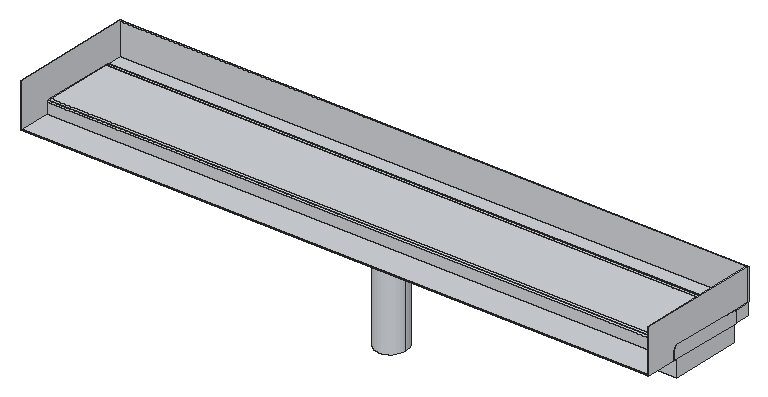
Revit family "RS775K.115Duschrinne", category Sanitärinstallationen, Revit 2020
Family settings
  Bemaßung runder Anschluss = Durchmesser verwenden
  Teiletyp = Normal
  Arbeitsebenenbasiert = Nein
  Immer vertikal = Ja
  Beim Laden mit Abzugskörper schneiden = Nein
  Gemeinsam genutzt = Nein
  Raumberechnungspunkt = Nein
Parameters (values of type "115mm 1x Kleberand 3x Zarge")
  Übergangsbride [instance] = no
  umlaufender Kleberand [instance] = no
  Vorgabe-Ansicht = 0 mm
  Verdeckt [instance] = no
  Verbindungsbügel [instance] = L Links + L Rechts  # 1000 mm
  URL = "https://www.resitec.ch/"
  Seitenprofil Länge [instance] = 1000 mm
  Rost innen ref [instance] = 10 mm
  Rinnen Tiefe [instance] = 67 mm  # constant formula
  Rinnen Breite rechts [instance] = 500 mm
  Rinnen Breite links [instance] = 500 mm
  Rand Seitlich [instance] = 50 mm
  RS_zargonref [instance] = if([1x Zarge], 3 mm, if([2x Zarge], 2 mm, if([3x Zarge], 1 mm, 7 mm)))  # 1 mm
  RS_sponref [instance] = 1
  RS_spRon [instance] = (RS_sponref = 2)  # no
  RS_spLon [instance] = (RS_sponref = 1)  # yes
  RS_sFalz [instance] = 4.5 mm
  RS_s002 = 1.8 mm
  RS_s001 = 3 mm  # constant formula
  RS_rechtsKR [instance] = L Rechts + RS_KR  # 548 mm
  RS_1ZGSB [instance] = no
  RS_0xZGveron [instance] = no
  RS_min80 [instance] = if(Rinnen Tiefe < 60 mm, 60 mm, Rinnen Tiefe)  # 67 mm
  RS_linksKR [instance] = L Links + RS_KR  # 548 mm
  RS_hts [instance] = 3 mm
  RS_gefun [instance] = 60 mm
  RS_gefob [instance] = 40 mm
  RS_dpschon [instance] = yes
  RS_dimmin95 [instance] = 100 mm
  RS_dimk001 = 115 mm  # constant formula
  RS_dim002ref [instance] = 0 mm
  RS_dim001 [instance] = if(Verdeckt, 2 mm, if(RS_zargonref = 1 mm, 2 mm, if(RS_zargonref = 2 mm, 20 mm, if(RS_zargonref = 3 mm, 2 mm, 20 mm))))  # 2 mm
  RS_dim002 [instance] = 20 mm
  RS_dim003 [instance] = 46 mm  # constant formula
  RS_diaRost [instance] = 2 mm
  RS_diaFalz [instance] = (RS_sFalz / 2) - 0.4 mm  # 1.85 mm
  RS_dia002 = 110 mm
  RS_dia001 = 227.5 mm
  RS_breite Rand [instance] = Rand Seitlich  # 50 mm
  RS_bSeitenpro [instance] = 20 mm
  RS_RohrL [instance] = if(Länge Rohr < RS_gefun, ((RS_gefun + 10 mm) - RS_gefob), Länge Rohr)  # 200 mm
  RS_RinneRon [instance] = yes
  RS_RinneLon [instance] = yes
  RS_LrechtsSeitenpro [instance] = Seitenprofil Länge  # 1000 mm
  RS_LlinksSeitenpro [instance] = Seitenprofil Länge  # 1000 mm
  RS_KRvorne [instance] = (Breite Aussen ref / 2) + 54.5 mm  # 112 mm
  RS_KRref [instance] = if([1x Zarge], 50 mm, (if([3x Zarge], 28 mm, (if(RS_3Zargon, 18 mm, 50 mm)))))  # 28 mm
  RS_KRr [instance] = yes
  RS_KRon [instance] = no
  RS_KRl [instance] = yes
  RS_KRhinten [instance] = if(RS_zargonref = 7 mm, (Breite Aussen ref / 2) + 54.5 mm, if(RS_zargonref = 1 mm, (Breite Aussen ref / 2) + 28 mm, if(RS_zargonref = 2 mm, (Breite Aussen ref / 2) + 54.5 mm, if(RS_zargonref = 3 mm, (Breite Aussen ref / 2) + 28 mm, 50 mm))))  # 85.5 mm
  RS_KR [instance] = 48 mm
  RS_HZarge [instance] = H Zarge  # 50 mm
  RS_DN2 = 0 mm
  RS_DN1d [instance] = D  # 48.5 mm
  RS_DN1 = 100 mm  # constant formula
  RS_URL = "https://resitec.ch/entwaesserungstechnik/entwaesserungsrinnen/"
  RS_Rost_Typ [instance] = ""
  RS_Manufacture = "Resitec"  # constant formula
  RS_Description [instance] = "verdeckt an Wand mit Auslaufkasten\r\n exzentrisch sowie mit Kleberand und Zarge"
  RS_Articelnumber [instance] = "Schlitzrinne"
  RS_2Zargon [instance] = yes
  RS_3Zargon [instance] = no
  RS_1xZGverdref [instance] = if(RS_zargonref = 7 mm, 1, 0)  # 0
  RS_1xZGverdon [instance] = RS_1xZGverdref = 0  # yes
  RS_1Zargon [instance] = if([1x Zarge], RS_zargonref < 4 mm, RS_zargonref = 1 mm)  # yes
  RS_0xZGverdonref [instance] = if(Verdeckt, if([2x Zarge], 2 mm, 7 mm), 7 mm)  # 7 mm
  Länge Rohr [instance] = 200 mm
  L Rechts Innen ref [instance] = if(RS_2Zargon, L Rechts, L Rechts - RS_breite Rand)  # 500 mm
  L Rechts [instance] = Rinnen Breite rechts  # 500 mm
  L Links innen ref [instance] = if(RS_2Zargon, L Links, L Links - RS_breite Rand)  # 500 mm
  L Links [instance] = Rinnen Breite links  # 500 mm
  Hersteller = RS_Manufacture  # "Resitec"
  H Zarge [instance] = 50 mm  # constant formula
  D [instance] = 48.5 mm
  Breite Innen ref [instance] = 112 mm
  Breite Aussen ref [instance] = 115 mm
  Description = ""
  Baugruppenkennzeichen = "D2030300"
  B [instance] = L Links + L Rechts  # 1000 mm
  Anschlusswert DU L/s = 0
  A [instance] = L Links innen ref + L Rechts Innen ref  # 1000 mm
  3x Zarge [instance] = yes
  2x Zarge [instance] = no
  1x Zarge [instance] = no
Types (5, lengths in mm): name | Verbindungsbügel | Seitenprofil Länge | Rinnen Breite rechts | Rinnen Breite links | RS_zargonref | RS_sponref | RS_spLon | RS_rechtsKR | RS_1ZGSB | RS_0xZGveron | RS_linksKR | RS_dim001 | RS_LrechtsSeitenpro | RS_LlinksSeitenpro | RS_KRref | RS_KRhinten | RS_KR | RS_2Zargon | RS_1xZGverdref | RS_1xZGverdon | RS_1Zargon | L Rechts Innen ref | L Rechts | L Links innen ref | L Links | B | A | 3x Zarge | 2x Zarge | 1x Zarge
  (no name) | 1000 | 1000 | 500 | 500 | 1 | 1 | yes | 548 | no | no | 548 | 2 | 1000 | 1000 | 28 | 85.5 | 48 | yes | 0 | yes | yes | 500 | 500 | 500 | 500 | 1000 | 1000 | yes | no | no
  115mm Umlaufendem Kleberand | 1000 | 800 | 500 | 500 | 7 | 0 | no | 550 | no | yes | 550 | 20 | 800 | 800 | 50 | 112 | 50 | no | 1 | no | no | 450 | 500 | 450 | 500 | 1000 | 900 | no | no | no
  115mm Kleberand und an den Enden mit Zarge | 1000 | 1000 | 500 | 500 | 2 | 0 | no | 528 | no | no | 528 | 20 | 1000 | 1000 | 50 | 112 | 28 | yes | 0 | yes | no | 500 | 500 | 500 | 500 | 1000 | 1000 | no | yes | no
  115mm 1x Kleberand 3x Zarge | 1000 | 1000 | 500 | 500 | 1 | 1 | yes | 548 | no | no | 548 | 2 | 1000 | 1000 | 28 | 85.5 | 48 | yes | 0 | yes | yes | 500 | 500 | 500 | 500 | 1000 | 1000 | yes | no | no
  115mm 3x Kleberand 1x Zarge | 2000 | 1000 | 1000 | 1000 | 3 | 0 | no | 1050 | yes | yes | 1050 | 2 | 1000 | 1000 | 50 | 85.5 | 50 | no | 0 | yes | yes | 950 | 1000 | 950 | 1000 | 2000 | 1900 | no | no | yes
Reference planes
  plane 1 "Mitte (Vorne/hinten)": y = 0
  plane 2: z = 0
  plane 3 "Mitte (Links/rechts)": x = 0
  plane 4: x = -548
  plane 5: x = 548
  plane 6: y = 57.5
  plane 7: y = -57.5
  plane 8 "Lsite": x = -500
  plane 9 "Rsite": x = 500
  plane 10 "ebeneKBlech": z = -2
  plane 11 "ebeneKBlechVAR": z = -20
  plane 12 "back": y = 85.5
  plane 13: x = 548
  plane 14 "KRfront": y = -112
  plane 15: x = -548
  plane 16: z = -200
  plane 17: x = -498.2
  plane 18: x = 498.2
  plane 19: z = -46
  plane 20 "min80": z = -67
  plane 21: z = 50
  plane 22: x = -520
  plane 23: x = 520
  plane 24 "FrontspL": y = -914.5
  plane 25 "FrontspR": y = -914.5
  plane 26: x = -452
  plane 27: x = 452
  plane 28: y = -62
  plane 29: y = 62
  plane 30: y = 56
  plane 31: y = -56
  plane 32: y = -59.75
  plane 33: y = 59.75
  plane 34: z = 67.613
  plane 35 "-20base": z = -20
  plane 36: x = 528
  plane 37: x = -528
  plane 38: z = -18.2
Forms (mm)
  Extrusion 1, solid
    sketch origin (0, 80.5, -20) x (-1, 0, 0) y (0, -1, 0)
      loop
        circle (0, 80.5) r 24.15
    from -180 to -26
  Extrusion 2, solid
    sketch origin (0, 0, 0) x (0, 1, 0) y (0, 0, 1)
      loop
        line (-57.5, -46) -> (57.5, -46) -> (57.5, -20) -> (62, -20) -> (62, -1.85)
        arc (62, -1.85) -> (61.458, -0.542) -> (60.15, 0) r 1.85
        line (60.15, 0) -> (59.35, 0)
        arc (59.35, 0) -> (58.042, -0.542) -> (57.5, -1.85) r 1.85
        line (57.5, -1.85) -> (57.5, -15) -> (-57.5, -15) -> (-57.5, -1.85)
        arc (-57.5, -1.85) -> (-58.042, -0.542) -> (-59.35, 0) r 1.85
        line (-59.35, 0) -> (-60.15, 0)
        arc (-60.15, 0) -> (-61.458, -0.542) -> (-62, -1.85) r 1.85
        line (-62, -1.85) -> (-62, -20) -> (-57.5, -20) -> (-57.5, -46)
    from -500 to 500
  Extrusion 3, solid
    sketch origin (0, 0, -20) x (-1, 0, 0) y (0, -1, 0)
      loop
        line (500, 59.75) -> (500, 112) -> (-500, 112) -> (-500, 59.75) -> (500, 59.75)
    from 0 to 1.8
  Extrusion 4, solid
    sketch origin (0, 0, 0) x (0, 1, 0) y (0, 0, 1)
      loop
        line (54, 0) -> (-54, 0)
        arc (-54, 0) -> (-55.414, -0.586) -> (-56, -2) r 2
        line (-56, -2) -> (-56, -13.505) -> (56, -13.505) -> (56, -2)
        arc (56, -2) -> (55.414, -0.586) -> (54, 0) r 2
    from -498.2 to 498.2
  Extrusion 5, solid
    sketch origin (0, 0, -13) x (1, 0, 0) y (0, 1, 0)
      loop
        line (-500, 85.5) -> (-500, 59.75) -> (500, 59.75) -> (500, 85.5) -> (-500, 85.5)
    from 11 to 12.8
  Extrusion 6, solid, visible <- "RS_2Zargon"
    sketch origin (-500, 124.731, 1200) x (0, 1, 0) y (0, 0, 1)
      loop
        line (-39.231, -1150) -> (-236.731, -1150) -> (-236.731, -1220) -> (-39.231, -1220) -> (-39.231, -1150)
    from 0 to 1.8
  Extrusion 7, solid, visible <- "RS_2Zargon"
    sketch origin (748.2, 124.731, 1200) x (0, 1, 0) y (0, 0, 1)
      loop
        line (-39.231, -1150) -> (-236.731, -1150) -> (-236.731, -1220) -> (-39.231, -1220) -> (-39.231, -1150)
    from -250 to -248.2
  Extrusion 8, solid
    sketch origin (0, 0, -20) x (0, 1, 0) y (-1, 0, 0)
      loop
        line (59.75, 500) -> (-59.75, 500) -> (-59.75, 498.2) -> (59.75, 498.2) -> (59.75, 500)
    from 0 to 20
  Extrusion 9, solid
    sketch origin (0, 0, -20) x (0, 1, 0) y (-1, 0, 0)
      loop
        line (59.75, -498.2) -> (-59.75, -498.2) -> (-59.75, -500) -> (59.75, -500) -> (59.75, -498.2)
    from 0 to 20
  Extrusion 10, solid, visible <- "1x Zarge"
    sketch origin (-500, 124.731, 1200) x (0, 1, 0) y (0, 0, 1)
      loop
        line (-41.031, -1202) -> (-41.031, -1200.2) -> (-62.731, -1200.2) -> (-62.731, -1202) -> (-41.031, -1202)
    from 0 to 1.8
  Extrusion 11, solid, visible <- "RS_1ZGSB"
    sketch origin (748.2, 124.731, 1200) x (0, 1, 0) y (0, 0, 1)
      loop
        line (-41.031, -1202) -> (-41.031, -1200.2) -> (-62.731, -1200.2) -> (-62.731, -1202) -> (-41.031, -1202)
    from -250 to -248.2
  Extrusion 12, solid
    sketch origin (1598.2, 0, -20) x (0, 1, 0) y (-1, 0, 0)
      loop
        line (59.75, 1100) -> (-59.75, 1100) -> (-59.75, 1098.2) -> (59.75, 1098.2) -> (59.75, 1100)
    from 0 to 20
  Extrusion 13, solid, visible <- "RS_1Zargon"
    sketch origin (0, 0, 0) x (1, 0, 0) y (0, 1, 0)
      loop
        line (-500, 85.5) -> (-500, 83.7) -> (500, 83.7) -> (500, 85.5) -> (-500, 85.5)
    from 0 to 50
  Extrusion 14, solid, visible <- "RS_0xZGveron"
    sketch origin (0, 0, -20) x (0, 1, 0) y (-1, 0, 0)
      loop
        line (85.5, 548) -> (-112, 548) -> (-112, 500) -> (85.5, 500) -> (85.5, 548)
    from 0 to 2
  Extrusion 15, solid, visible <- "RS_0xZGveron"
    sketch origin (0, 0, -20) x (0, 1, 0) y (-1, 0, 0)
      loop
        line (85.5, -500) -> (-112, -500) -> (-112, -548) -> (85.5, -548) -> (85.5, -500)
    from 0 to 2
  Extrusion 16, solid, visible <- "RS_1ZGSB"
    sketch origin (0, 0, -20) x (0, 1, 0) y (-1, 0, 0)
      loop
        line (85.5, 548) -> (83.7, 548) -> (83.7, 500) -> (85.5, 500) -> (85.5, 548)
    from 0 to 70
  Extrusion 17, solid, visible <- "RS_1ZGSB"
    sketch origin (0, 0, -20) x (0, 1, 0) y (-1, 0, 0)
      loop
        line (85.5, -500) -> (83.7, -500) -> (83.7, -548) -> (85.5, -548) -> (85.5, -500)
    from 0 to 70
Dimensions and locks
  equal spacing: plane 7, plane 1 "Mitte (Vorne/hinten)", plane 6
  "Breite Aussen ref": plane 6 to plane 7
  "L Links innen ref": plane 8 "Lsite" to plane 3 "Mitte (Links/rechts)"
  "L Rechts Innen ref": plane 3 "Mitte (Links/rechts)" to plane 9 "Rsite"
  "RS_dim001": level to plane 10 "ebeneKBlech"
  "RS_dim002": level to plane 11 "ebeneKBlechVAR"
  "RS_linksKR": plane 15 to plane 3 "Mitte (Links/rechts)"
  "RS_rechtsKR": plane 3 "Mitte (Links/rechts)" to plane 13
  "RS_KRhinten": plane 1 "Mitte (Vorne/hinten)" to plane 12 "back"
  "RS_KRvorne": plane 14 "KRfront" to plane 1 "Mitte (Vorne/hinten)"
  "RS_s002": plane 8 "Lsite" to plane 17
  "RS_s002": plane 18 to plane 9 "Rsite"
  "RS_dim003": level to plane 19
  "Länge Rohr": level to plane 16
  "RS_min80": level to plane 20 "min80"
  "RS_HZarge": plane 21 to level
  "RS_bSeitenpro": plane 22 to plane 8 "Lsite"
  "RS_bSeitenpro": plane 9 "Rsite" to plane 23
  "RS_LlinksSeitenpro": plane 12 "back" to plane 24 "FrontspL"
  "RS_LrechtsSeitenpro": plane 12 "back" to plane 25 "FrontspR"
  "RS_KR": plane 8 "Lsite" to plane 26
  "RS_KR": plane 27 to plane 9 "Rsite"
  "RS_sFalz": plane 7 to plane 28
  "RS_sFalz": plane 29 to plane 6
  equal spacing: plane 30, plane 1 "Mitte (Vorne/hinten)", plane 31
  "Breite Innen ref": plane 30 to plane 31
  equal spacing: plane 29, plane 33, plane 6, locked at 2.25 each
  equal spacing: plane 7, plane 32, plane 28, locked at 2.25 each
  "RS_s002": Extrusion 3 to plane 11 "ebeneKBlechVAR"
  level to Extrusion 4 sketch curve = 13.505 mm
  "RS_s002": Extrusion 5 to plane 10 "ebeneKBlech"
  level to Extrusion 2 sketch curve = 20 mm  (x2)
  level to Extrusion 2 sketch curve = 15 mm
  "RS_KR": plane 4 to plane 8 "Lsite"
  "RS_KR": plane 9 "Rsite" to plane 5
  plane 34 to plane 21 = 17.613 mm
  level to plane 35 "-20base" = 20 mm
  plane 9 "Rsite" to plane 36 = 28 mm
  plane 37 to plane 8 "Lsite" = 28 mm
  "RS_s002": plane 12 "back" to Extrusion 13 sketch curve
  "RS_s002": plane 38 to plane 11 "ebeneKBlechVAR"
  "RS_s002": plane 12 "back" to Extrusion 17 sketch curve
  diameter of Extrusion 1 sketch curve = 48.3 mm
  "RS_diaFalz": radius of Extrusion 2 sketch curve  (x4)
  "RS_diaRost": radius of Extrusion 4 sketch curve  (x2)
  aligned and locked: level to plane 2
  aligned and locked: Extrusion 1 to plane 16
  aligned and locked: Extrusion 2 sketch curve to plane 19
  aligned and locked: plane 28 to Extrusion 2 sketch curve
  aligned and locked: Extrusion 2 sketch curve to plane 29
  aligned and locked: Extrusion 2 sketch curve to level
  aligned and locked: level to Extrusion 2 sketch curve
  aligned and locked: plane 32 to Extrusion 3 sketch curve
  aligned and locked: Extrusion 3 sketch curve to Extrusion 2
  aligned and locked: Extrusion 3 sketch curve to plane 14 "KRfront"
  aligned and locked: Extrusion 3 sketch curve to plane 9 "Rsite"
  aligned and locked: Extrusion 4 sketch curve to level
  aligned and locked: Extrusion 4 sketch curve to plane 31
  aligned and locked: plane 30 to Extrusion 4 sketch curve
  aligned and locked: plane 12 "back" to Extrusion 5
  aligned and locked: plane 33 to Extrusion 5
  aligned and locked: Extrusion 5 to plane 10 "ebeneKBlech"
  aligned and locked: Extrusion 5 to plane 8 "Lsite"
  aligned and locked: plane 9 "Rsite" to Extrusion 5
  aligned and locked: plane 19 to Extrusion 1
  aligned and locked: Extrusion 2 to plane 8 "Lsite"
  aligned and locked: plane 9 "Rsite" to Extrusion 2
  aligned and locked: Extrusion 6 sketch curve to Extrusion 3  (x2)
  aligned and locked: Extrusion 6 to plane 17
  aligned and locked: plane 12 "back" to Extrusion 7
  aligned and locked: plane 14 "KRfront" to Extrusion 7
  aligned and locked: Extrusion 7 to plane 18
  aligned and locked: plane 9 "Rsite" to Extrusion 7
  aligned and locked: Extrusion 6 to plane 8 "Lsite"
  aligned and locked: Extrusion 7 to plane 11 "ebeneKBlechVAR"
  aligned and locked: plane 21 to Extrusion 7
  aligned and locked: Extrusion 8 sketch curve to Extrusion 2
  aligned and locked: plane 17 to Extrusion 8 sketch curve
  aligned and locked: Extrusion 9 sketch curve to plane 18
  aligned and locked: Extrusion 9 sketch curve to Extrusion 2
  aligned and locked: Extrusion 8 to plane 33
  aligned and locked: plane 32 to Extrusion 9
  aligned and locked: Extrusion 9 to plane 11 "ebeneKBlechVAR"
  aligned and locked: plane 9 "Rsite" to Extrusion 9
  aligned and locked: plane 18 to Extrusion 9
  aligned and locked: level to Extrusion 8
  aligned and locked: level to Extrusion 9
  aligned and locked: plane 29 to Extrusion 10
  aligned and locked: Extrusion 10 to plane 17
  aligned and locked: plane 9 "Rsite" to Extrusion 11
  aligned and locked: plane 29 to Extrusion 11
  aligned and locked: Extrusion 11 to plane 18
  aligned and locked: Extrusion 4 to plane 18
  aligned and locked: plane 17 to Extrusion 4
  aligned and locked: plane 9 "Rsite" to Extrusion 12
  aligned and locked: plane 18 to Extrusion 12
  aligned and locked: Extrusion 13 sketch curve to plane 9 "Rsite"
  aligned and locked: Extrusion 13 to plane 8 "Lsite"
  aligned and locked: Extrusion 14 sketch curve to plane 12 "back"
  aligned and locked: plane 4 to Extrusion 14 sketch curve
  aligned and locked: Extrusion 14 sketch curve to Extrusion 3
  aligned and locked: Extrusion 14 sketch curve to Extrusion 6
  aligned and locked: Extrusion 15 sketch curve to Extrusion 5
  aligned and locked: Extrusion 15 sketch curve to Extrusion 7
  aligned and locked: Extrusion 15 sketch curve to plane 14 "KRfront"
  aligned and locked: Extrusion 15 sketch curve to plane 5
  aligned and locked: Extrusion 16 sketch curve to Extrusion 14  (x2)
  aligned and locked: Extrusion 16 sketch curve to Extrusion 13
  aligned and locked: Extrusion 16 sketch curve to Extrusion 10
  aligned and locked: Extrusion 17 sketch curve to Extrusion 5
  aligned and locked: Extrusion 7 to Extrusion 17 sketch curve
  aligned and locked: Extrusion 17 sketch curve to plane 5
  aligned and locked: plane 21 to Extrusion 17
  aligned and locked: Extrusion 17 to plane 11 "ebeneKBlechVAR"
  aligned and locked: plane 21 to Extrusion 16
  aligned and locked: Extrusion 16 to plane 11 "ebeneKBlechVAR"
Automatic sketch dimensions
  plane 1 "Mitte (Vorne/hinten)" to Extrusion 1 sketch curve = 0 mm
  Extrusion 1 sketch curve to plane 3 "Mitte (Links/rechts)" = 0 mm
  Extrusion 5 sketch curve to plane 8 "Lsite" = 0 mm
  Extrusion 5 sketch curve to plane 9 "Rsite" = 0 mm
  plane 33 to Extrusion 5 sketch curve = 0 mm
  Extrusion 5 sketch curve to plane 12 "back" = 0 mm
  Extrusion 7 sketch curve to plane 14 "KRfront" = 0 mm
  Extrusion 7 sketch curve to plane 11 "ebeneKBlechVAR" = 0 mm
  Extrusion 7 sketch curve to plane 12 "back" = 0 mm
  Extrusion 7 sketch curve to plane 21 = 0 mm
  plane 32 to Extrusion 8 sketch curve = 0 mm
  plane 33 to Extrusion 8 sketch curve = 0 mm
  plane 32 to Extrusion 9 sketch curve = 0 mm
  plane 33 to Extrusion 9 sketch curve = 0 mm
  Extrusion 10 sketch curve to plane 10 "ebeneKBlech" = 0 mm
  Extrusion 10 sketch curve to plane 29 = 0 mm
  Extrusion 10 sketch curve to level = 0.2 mm
  Extrusion 11 sketch curve to plane 10 "ebeneKBlech" = 0 mm
  Extrusion 11 sketch curve to plane 29 = 0 mm
  Extrusion 11 sketch curve to level = 0.2 mm
  Extrusion 11 sketch curve to plane 12 "back" = 1.8 mm
  Extrusion 12 sketch curve to plane 18 = 0 mm
  plane 32 to Extrusion 12 sketch curve = 0 mm
  plane 33 to Extrusion 12 sketch curve = 0 mm
  Extrusion 12 sketch curve to plane 9 "Rsite" = 0 mm
  Extrusion 13 sketch curve to plane 8 "Lsite" = 0 mm
  Extrusion 10 sketch curve to plane 12 "back" = 1.8 mm
  Extrusion 6 sketch curve to plane 12 "back" = 0 mm
  Extrusion 6 sketch curve to plane 21 = 0 mm
  Extrusion 13 sketch curve to plane 12 "back" = 0 mm
  Extrusion 2 sketch curve to plane 7 = 0 mm  (x2)
  Extrusion 2 sketch curve to plane 6 = 0 mm  (x2)
